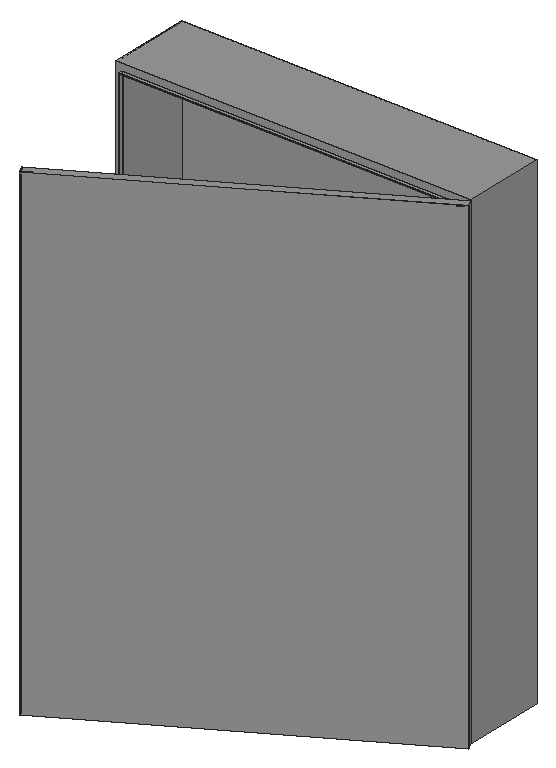
Revit family "Hager-Univers-IP44-D205-H1100-Cl.I-Encl-NoHosted-CH-de", category Equipement électrique, Revit 2020
Family settings
  Configuration du panneau = Deux colonnes, circuits au sein
  Cote de connecteur circulaire = Utiliser le diamètre
  Type d'élément = Tableau de raccordement
  Basée sur le plan de construction = Oui
  Toujours verticalement = Oui
  Couper avec des vides une fois chargée = Non
  Partagée = Non
  Point de calcul de pièce = Non
Parameters (values of type "Aufputz IP44 B800 H1100 T205  - FP73TN2")
  Width Control [instance] = if([EF000008 - Breite] > Min Width, [EF000008 - Breite], Min Width)  # 800 mm
  Commentaires du type = [HG000003 - Bereich]  # "Univers"
  Thickness Door [instance] = if([EF009171 - Materialstärke Tür/Deckel] > 3 mm, 3 mm, [EF009171 - Materialstärke Tür/Deckel])  # 1 mm
  Seal Frame Offset [instance] = 17 mm  # constant formula
  Plinth Visibility [instance] = [HG000027 - Sockelhöhe] > 0 mm  # no
  Min Width [instance] = 100 mm  # constant formula
  Min Depth [instance] = (2 * [EF009170 - Materialstärke Gehäuse]) + 1 mm  # 3 mm
  Min Height [instance] = 100 mm  # constant formula
  Internal Frame Depth [instance] = (Door System Depth * 0.5)  # 9 mm
  Panel Name [instance] = ""  # (empty or 0)
  Model = ""
  HG000027 - Sockelhöhe = 0 mm
  HG000026 - Stehend auf dem Boden = no
  HG000024 - Höhe des unteren Teils = 600 mm
  HG000023 - Gehäuse mit doppeltem Querschnitt = no
  HG000016 - 3D-Türsichtbarkeit [instance] = yes
  HG000015 - Sichtbarkeit der Türöffnung [instance] = no
  HG000014 - Tür rechts [instance] = yes
  HG000013 - Tür links [instance] = not([HG000014 - Tür rechts])  # no
  HG000012 - Türschwenkwinkel [instance] = 30.00°
  HG000010 - Asymmetrische Türen = no
  HG000009 - Doppelflügeligen Tür = no
  HG000006 - Unterputz = no
  HG000004 - Herstellerreferenz = "FP73TN2"
  HG000003 - Bereich = "Univers"
  HG000002 - Mit tür = yes
  Frame Offset Bottom [instance] = 10 mm  # constant formula
  Frame Offset [instance] = 15 mm  # constant formula
  EF015940 - Deckel mit Überdruckentlastung = no
  EF011959 - Schutzart (NEMA) = ""
  EF009554 - Anzahl der Öffnungen für Flanschplatten = 6
  EF009212 - Ausführung Deckel = "EV000116 - geschlossen"
  EF009171 - Materialstärke Tür/Deckel = 1 mm
  EF009170 - Materialstärke Gehäuse = 1 mm
  EF008873 - Nennstrom (In) = 250 A
  EF007800 - Geeignet für Blitzschutz = no
  EF006306 - Mit Schloss = no
  EF006244 - Transparenter Deckel/Tür = no
  EF005474 - Schutzart (IP) = "EV006418 - IP44"
  EF004464 - Art der Tür = "EV002646 - Einzel"
  EF004427 - Anzahl der Module = 252
  EF004293 - Schlagfestigkeit = "EV006815 - IK09"
  EF003532 - Geeignet für Außengebrauch = no
  EF002950 - Breite in Teilungseinheiten = 36
  EF001613 - Funktionserhalt = "EV000494 - ohne"
  EF001596 - Werkstoff des Gehäuses = "EV000179 - Stahl"
  EF001131 - Innentiefe = 130 mm
  EF001088 - Anbaumöglichkeit = yes
  EF000437 - Anzahl der Leitungseinführungen = 6
  EF000339 - Art der Abdeckung = "EV001012 - Deckel"
  EF000266 - Anzahl der Reihen = 7
  EF000218 - Einbautiefe = 205 mm
  EF000118 - Mit Montageplatte = no
  EF000116 - RAL-Nummer = "9010"
  EF000049 - Tiefe = 205 mm
  EF000040 - Höhe = 1100 mm
  EF000008 - Breite = 800 mm
  EF000007 - Farbe = "EV000202 - weiß"
  EF000003 - Montageart = "EV000384 - Aufputz"
  Door System Leaf Tolerance [instance] = 1.5 mm  # constant formula
  Door System Depth [instance] = 18 mm  # constant formula
  Door Height [instance] = Height Control - [HG000027 - Sockelhöhe]  # 1100 mm
  Description = ""
  Default Elevation = 1219.2 mm
  Connector Offset [instance] = Height Control / 2  # 550 mm
  Fabricant = "Hager"  # constant formula
  Height Control [instance] = if([EF000040 - Höhe] > Min Height, [EF000040 - Höhe], Min Height)  # 1100 mm
  Depth Control [instance] = if([EF000049 - Tiefe] > Min Depth, [EF000049 - Tiefe], Min Depth)  # 205 mm
  Bottom Top Plate Trim [instance] = 1.5 mm  # constant formula
  Plinth height Ctrl [instance] = if([HG000027 - Sockelhöhe] > 0 mm, [HG000027 - Sockelhöhe], 12 mm)  # 12 mm
Types (10, lengths in mm): name | Width Control | HG000010 - Asymmetrische Türen | HG000009 - Doppelflügeligen Tür | HG000004 - Herstellerreferenz | EF009554 - Anzahl der Öffnungen für Flanschplatten | EF004464 - Art der Tür | EF004427 - Anzahl der Module | EF002950 - Breite in Teilungseinheiten | EF000437 - Anzahl der Leitungseinführungen | EF000218 - Einbautiefe | EF000008 - Breite
  Aufputz IP44 B1050 H1100 T205  - FP74QT | 1050 | no | no | "FP74QT" | 8 | "EV003602 - Doppel" | 336 | 48 | 8 | 0 | 1050
  Aufputz IP44 B1050 H1100 T205  - FP74TN2 | 1050 | no | yes | "FP74TN2" | 8 | "EV003602 - Doppel" | 336 | 48 | 8 | 205 | 1050
  Aufputz IP44 B1300 H1100 T205  - FP75QT | 1300 | no | no | "FP75QT" | 10 | "EV003602 - Doppel" | 420 | 60 | 10 | 0 | 1300
  Aufputz IP44 B1300 H1100 T205  - FP75TN2 | 1300 | yes | yes | "FP75TN2" | 10 | "EV003602 - Doppel" | 420 | 60 | 10 | 205 | 1300
  Aufputz IP44 B300 H1100 T205  - FP71QT | 300 | no | no | "FP71QT" | 2 | "EV002646 - Einzel" | 84 | 12 | 2 | 0 | 300
  Aufputz IP44 B300 H1100 T205  - FP71TN2 | 300 | no | no | "FP71TN2" | 2 | "EV002646 - Einzel" | 84 | 12 | 2 | 205 | 300
  Aufputz IP44 B550 H1100 T205  - FP72QT | 550 | no | no | "FP72QT" | 4 | "EV002646 - Einzel" | 168 | 24 | 4 | 0 | 550
  Aufputz IP44 B550 H1100 T205  - FP72TN2 | 550 | no | no | "FP72TN2" | 4 | "EV002646 - Einzel" | 168 | 24 | 4 | 205 | 550
  Aufputz IP44 B800 H1100 T205  - FP73QT | 800 | no | no | "FP73QT" | 6 | "EV002646 - Einzel" | 252 | 36 | 6 | 0 | 800
  Aufputz IP44 B800 H1100 T205  - FP73TN2 | 800 | no | no | "FP73TN2" | 6 | "EV002646 - Einzel" | 252 | 36 | 6 | 205 | 800
Reference planes
  plane 1 "Center (Front/Back)": y = 0
  plane 2: z = 0
  plane 3 "Center (Left/Right)": x = 0
  plane 4: y = 0
  plane 5: y = 0
  plane 6: z = 0
  plane 7: x = -400
  plane 8: x = 400
  plane 9: x = 399
  plane 10: x = -399
  plane 11: z = 0
  plane 12: z = 1
  plane 13: y = -205
  plane 14: y = -1
  plane 15: x = 0
  plane 16: y = -187
  plane 17: y = -204
  plane 18: y = -186
  plane 19: x = -384
  plane 20: x = 384
  plane 21: z = 11
  plane 22: x = -383
  plane 23: x = 383
  plane 24: z = 0
  plane 25: z = 1100
  plane 26: z = 1100
  plane 27: z = 1084
  plane 28: z = 1099
Forms (mm)
  Extrusion 1, solid, material "Hager_Steel_RAL7035_Light_Grey", detail levels medium+fine
    sketch origin (-208.679, -4572, 0) x (-1, 0, 0) y (0, -1, 0)
      loop
        line (191.321, -4385) -> (-608.679, -4385) -> (-608.679, -4572) -> (191.321, -4572) -> (191.321, -4385)
    from 0 to 1100
  Extrusion 2, void
    sketch origin (-350.771, -205, 1219.2) x (1, 0, 0) y (0, 0, 1)
      loop
        line (-48.229, -120.2) -> (-48.229, -1218.2) -> (749.771, -1218.2) -> (749.771, -120.2) -> (-48.229, -120.2)
    from -19 to -204
  Extrusion 3, void
    sketch origin (-290.084, -187, 1219.2) x (1, 0, 0) y (0, 0, 1)
      loop
        line (-93.916, -1208.2) -> (674.084, -1208.2) -> (674.084, -135.2) -> (-93.916, -135.2) -> (-93.916, -1208.2)
    from 0 to -1
  Extrusion 4, solid, material "Hager_Steel_RAL7035_Light_Grey", visible <- "Plinth Visibility", detail levels medium+fine
    sketch origin (0, 0, 0) x (1, 0, 0) y (0, 1, 0)
      loop
        line (-400, 0) -> (-400, -187) -> (400, -187) -> (400, 0) -> (-400, 0)
    from 0 to 12 <- "Plinth height Ctrl"
  Extrusion 5, solid, material "Hager_Steel_RAL7035_Light_Grey", detail levels coarse
    sketch origin (0, 0, 0) x (1, 0, 0) y (0, 1, 0)
      loop
        line (-400, 0) -> (-400, -205) -> (400, -205) -> (400, 0) -> (-400, 0)
    from 0 to 1100 <- "Height Control"
  Sweep 6, void
    path in 3D
      loop
        line (-400, -187, 12) -> (400, -187, 12) -> (400, 0, 12) -> (-400, 0, 12) -> (-400, -187, 12)
    profile origin (-400, -93.5, 12) x (1, 0, 0) y (0, 0, 1)
      loop
        line (0, 0) -> (0, -1.5) -> (1.5, -1.5)
        arc (1.5, -1.5) -> (1.061, -0.439) -> (0, 0) r 1.5
  Extrusion 7, solid, material "Hager_Steel_RAL7035_Light_Grey", detail levels fine
    sketch origin (-400, -187, 0) x (1, 0, 0) y (0, 0, 1)
      loop
        line (16, 11) -> (784, 11) -> (784, 1084) -> (16, 1084) -> (16, 11)
      loop
        line (15, 10) -> (785, 10) -> (785, 1085) -> (15, 1085) -> (15, 10)
    from 0 to 9 <- "Internal Frame Depth"
Cuts and joins
  Extrusion 2, Extrusion 3 cuts Extrusion 1
  Sweep 6 cuts Extrusion 4
Lines and regions (mm)
  Masking region 1
    outline origin (0, 0, 0) x (1, 0, 0) y (0, 1, 0)
      loop
        line (-400, 0) -> (-400, -205) -> (400, -205) -> (400, 0) -> (-400, 0)
  Masking region 2, detail levels coarse
    outline origin (-290.084, -187, 1219.2) x (-1, 0, 0) y (0, 0, 1)
      loop
        line (-690.084, -1219.2) -> (109.916, -1219.2) -> (109.916, -119.2) -> (-690.084, -119.2) -> (-690.084, -1219.2)
  Masking region 3, detail levels coarse
    outline origin (0, 0, 0) x (0, 1, 0) y (0, 0, 1)
      loop
        line (0, 0) -> (0, 1100) -> (-205, 1100) -> (-205, 0) -> (0, 0)
  Masking region 4, visible <- "Plinth Visibility", detail levels medium+fine
    outline origin (0, 0, 0) x (0, 1, 0) y (0, 0, 1)
      loop
        line (-1.5, 12) -> (-185.5, 12)
        arc (-185.5, 12) -> (-185.939, 10.939) -> (-187, 10.5) r 1.5
        line (-187, 10.5) -> (-187, 0) -> (0, 0) -> (0, 10.5)
        arc (0, 10.5) -> (-1.061, 10.939) -> (-1.5, 12) r 1.5
  Masking region 5, detail levels medium+fine
    outline origin (0, 0, 594.038) x (0, 1, 0) y (0, 0, 1)
      loop
        line (0, -594.038) -> (0, 505.962) -> (-187, 505.962) -> (-187, -594.038) -> (0, -594.038)
  Masking region 6, detail levels medium+fine
    outline origin (-359.7, -187, 1211.883) x (-1, 0, 0) y (0, 0, 1)
      loop
        line (-759.7, -1211.883) -> (40.3, -1211.883) -> (40.3, -111.883) -> (-759.7, -111.883) -> (-759.7, -1211.883)
  Masking region 7, visible <- "Plinth Visibility", detail levels medium+fine
    outline origin (-320.334, -187, 1041.368) x (-1, 0, 0) y (0, 0, 1)
      loop
        line (-720.334, -1041.368) -> (79.666, -1041.368) -> (79.666, -1030.868)
        arc (79.666, -1030.868) -> (78.606, -1030.429) -> (78.166, -1029.368) r 1.5
        line (78.166, -1029.368) -> (-718.834, -1029.368)
        arc (-718.834, -1029.368) -> (-719.273, -1030.429) -> (-720.334, -1030.868) r 1.5
        line (-720.334, -1030.868) -> (-720.334, -1041.368)
  sketch lines
    curve 1: line (-400, 0, 12) -> (-400, -187, 12)
    curve 2: line (-400, -187, 12) -> (400, -187, 12)
    curve 3: line (400, 0, 12) -> (-400, 0, 12)
    curve 4: line (400, -187, 12) -> (400, 0, 12)
Dimensions and locks
  locked: plane 1 "Center (Front/Back)" to plane 5
  "EF009170 - Materialstärke Gehäuse": plane 7 to plane 10
  "EF009170 - Materialstärke Gehäuse": plane 8 to plane 9
  equal spacing: plane 7, plane 3 "Center (Left/Right)", plane 8
  "Width Control": plane 7 to plane 8
  "Depth Control": plane 4 to plane 13
  "EF009170 - Materialstärke Gehäuse": plane 4 to plane 14
  "Height Control": plane 25 to level
  "HG000027 - Sockelhöhe": plane 11 to level
  "EF009170 - Materialstärke Gehäuse": plane 12 to plane 11
  "EF009170 - Materialstärke Gehäuse": plane 17 to plane 13
  "EF009170 - Materialstärke Gehäuse": plane 18 to plane 16
  "Frame Offset Bottom": plane 21 to plane 12
  "Frame Offset": plane 10 to plane 19
  "Frame Offset": plane 9 to plane 20
  "Door System Depth": plane 16 to plane 13
  "Seal Frame Offset": plane 7 to plane 22
  "Seal Frame Offset": plane 8 to plane 23
  "EF009170 - Materialstärke Gehäuse": plane 26 to plane 28
  "Frame Offset": plane 28 to plane 27
  "Connector Offset": plane 2 to connector elem
  "Bottom Top Plate Trim": profile plane to Sweep 6 sketch curve
  "Bottom Top Plate Trim": Sweep 6 sketch curve to Sweep 6 sketch curve
  "Plinth height Ctrl": Masking region 4 sketch curve to level
  "Plinth height Ctrl": Masking region 7 sketch curve to level
  "Thickness Door": Extrusion 7 sketch curve to Extrusion 7 sketch curve  (x4)
  "Bottom Top Plate Trim": radius of Sweep 6 sketch curve
  "Bottom Top Plate Trim": radius of Masking region 4 sketch curve  (x2)
  "Bottom Top Plate Trim": radius of Masking region 7 sketch curve  (x2)
  aligned and locked: Extrusion 2 sketch curve to plane 12
  aligned and locked: Extrusion 2 sketch curve to plane 9
  aligned and locked: Extrusion 2 sketch curve to plane 10
  aligned and locked: Extrusion 2 to plane 14
  aligned and locked: Extrusion 1 sketch curve to plane 4
  aligned and locked: plane 8 to Extrusion 1 sketch curve
  aligned and locked: plane 7 to Extrusion 1 sketch curve
  aligned and locked: Extrusion 2 to plane 18
  aligned and locked: Extrusion 3 sketch curve to plane 19
  aligned and locked: plane 20 to Extrusion 3 sketch curve
  aligned and locked: Extrusion 3 to Extrusion 2
  aligned and locked: Extrusion 3 sketch curve to plane 21
  aligned and locked: plane 3 "Center (Left/Right)" to nested 1
  aligned and locked: Extrusion 1 sketch curve to plane 16
  aligned and locked: Extrusion 4 sketch curve to cut or joined group of Extrusion 1, Extrusion 2, Extrusion 3
  aligned and locked: Masking region 1 sketch curve to plane 7
  aligned and locked: Masking region 1 sketch curve to plane 5
  aligned and locked: Masking region 1 sketch curve to plane 8
  aligned and locked: Masking region 2 sketch curve to level
  aligned and locked: level to Masking region 3 sketch curve
  aligned and locked: plane 1 "Center (Front/Back)" to Masking region 3 sketch curve
  aligned and locked: plane 13 to Masking region 3 sketch curve
  aligned and locked: plane 5 to Masking region 4 sketch curve
  aligned and locked: Masking region 2 sketch curve to plane 8
  aligned and locked: Masking region 2 sketch curve to plane 7
  aligned and locked: plane 7 to nested 2
  aligned and locked: nested 2 to plane 5
  aligned and locked: plane 5 to Masking region 5 sketch curve
  aligned and locked: plane 26 to Masking region 5 sketch curve
  aligned and locked: Extrusion 5 sketch curve to plane 8
  aligned and locked: Extrusion 5 sketch curve to plane 7
  aligned and locked: Extrusion 5 sketch curve to plane 5
  aligned and locked: Extrusion 3 sketch curve to plane 27
  aligned and locked: Extrusion 2 sketch curve to plane 28
  aligned and locked: Masking region 2 to plane 25
  aligned and locked: Extrusion 4 to plane 16
  aligned and locked: profile plane to Sweep 6 sketch curve
  aligned and locked: Masking region 5 sketch curve to plane 24
  aligned and locked: level to Masking region 4 sketch curve
  aligned and locked: Masking region 1 to plane 13
  aligned and locked: nested 1 to plane 16
  aligned and locked: Masking region 3 to plane 25
  aligned and locked: plane 16 to Masking region 4 sketch curve
  aligned and locked: Masking region 5 sketch curve to plane 16
  aligned and locked: plane 24 to plane 11
  aligned and locked: plane 26 to plane 25
  aligned and locked: plane 26 to cut or joined group of Extrusion 1, Extrusion 2, Extrusion 3
  aligned and locked: nested 1 to plane 24
  aligned and locked: Extrusion 1 to Extrusion 3
  aligned and locked: Masking region 6 sketch curve to plane 8
  aligned and locked: Masking region 6 sketch curve to plane 24
  aligned and locked: Masking region 6 sketch curve to plane 7
  aligned and locked: Masking region 6 sketch curve to plane 26
  aligned and locked: Masking region 7 sketch curve to plane 7
  aligned and locked: level to Masking region 7 sketch curve
  aligned and locked: Masking region 7 sketch curve to plane 8
  aligned and locked: Extrusion 7 sketch curve to cut or joined group of Extrusion 1, Extrusion 2, Extrusion 3  (x4)
Automatic sketch dimensions
  plane 19 to Extrusion 3 sketch curve = 0 mm
  Extrusion 3 sketch curve to plane 20 = 0 mm
  Extrusion 3 sketch curve to plane 21 = 0 mm
  Extrusion 4 sketch curve to plane 7 = 0 mm
  Extrusion 4 sketch curve to plane 8 = 0 mm
  Extrusion 4 sketch curve to plane 16 = 0 mm
  Masking region 1 sketch curve to plane 13 = 0 mm
  Masking region 2 sketch curve to plane 25 = 0 mm
  Masking region 3 sketch curve to plane 25 = 0 mm
  Extrusion 5 sketch curve to plane 13 = 0 mm
  profile plane to Sweep 6 sketch curve = 0 mm
Nested families
  nested 1: "EC000058_Univers_Door" at (0, -187, 0), Double <- "HG000009 - Doppelflügeligen Tür", Transparent <- "EF006244 - Transparenter Deckel/Tür", Angle <- "HG000012 - Türschwenkwinkel", Door_Right <- "HG000014 - Tür rechts", Assymetrical <- "HG000010 - Asymmetrische Türen", Door <- "HG000002 - Mit tür", Width_Ctrl <- "Width Control", 3d_Door <- "HG000016 - 3D-Türsichtbarkeit", Clearance <- "HG000015 - Sichtbarkeit der Türöffnung", Door_Left <- "HG000013 - Tür links", Width <- "Width Control", Door_Depth <- "Door System Depth", Leaf_Tolerance <- "Door System Leaf Tolerance", Height <- "Door Height", Lock_Visibility <- "EF006306 - Mit Schloss", Thickness <- "Thickness Door", type "EC000058_Univers_Door", detail levels medium+fine
    with min_wh 3 mm, Width_Ctrl 800 mm, Width 800 mm, Transparent no, Thickness 1 mm, Seal_Material Hager_Rubber, Lock_Visibility no, Lock_Material Hager_Plastic_RAL9005_Jet_Black, Leaf_Width 800 mm, Leaf_Tolerance_External_Sides 0 mm, Leaf_Tolerance 1.5 mm, Leaf_Offset 0 mm, Leaf_Height 1097 mm, Leaf_2_Width 800 mm, Leaf_2_Offset 400 mm, Leaf_1_Width 800 mm, Leaf_1_Offset 400 mm, Height_Ctrl 1100 mm, Height 1100 mm, Glass_Material Hager_Glass, Double_Clearance_Ctrl no, Double no, Door_Right_Ctrl yes, Door_Right yes, Door_Material Hager_Steel_RAL7035_Light_Grey, Door_Left_Ctrl no, Door_Left no, Door_Depth 18 mm, Door yes, Clearance_Material Hager_Clearance, Clearance_Depth 800 mm, Clearance_Ctrl no, Clearance no, Assymetrical no, Angle 30.00°, 3d_Door yes
  nested 2: "Hager_Enclosure_Symbol" at (-400, 0, 0), Height <- "Depth Control", Width <- "Width Control", type "Hager_Enclosure_Symbol"
    with Width_Ctrl 800 mm, Width 800 mm, Height_Ctrl 205 mm, Height 205 mm, A_Width_Int 13.453 mm, A_Width 161.438 mm, A_Height_Ctrl 179.375 mm, A_Height 179.375 mm
Connectors
  electrical at (0, 0, 550)
    settings: on plane 1 "Center (Front/Back)", index 1, voltage 0 V, apparent load 0 VA, apparent load phase1 0 VA, apparent load phase2 0 VA, apparent load phase3 0 VA, power factor 1, load classification "Other", number of poles 1, system type 30, power factor state 1, is connector primary yes, connector utility no, sub classification motor no, connector description ""
Definition of nested family "EC000058_Univers_Door"
  Parameters (values of type "EC000058_Univers_Door")
    min_wh [instance] = (2 * Thickness) + 1 mm  # 11 mm
    Width_Ctrl [instance] = 400 mm
    Width [instance] = 500 mm
    Transparent [instance] = yes
    Thickness [instance] = 5 mm
    Seal_Material [instance] = none
    Lock_Visibility [instance] = yes
    Lock_Material [instance] = none
    Leaf_Width [instance] = if((Width_Ctrl - 2 * Leaf_Tolerance_External_Sides) > 0 mm, (Width_Ctrl - 2 * Leaf_Tolerance_External_Sides), min_wh)  # 400 mm
    Leaf_Tolerance_External_Sides [instance] = 0 mm  # constant formula
    Leaf_Tolerance [instance] = 1.5 mm
    Leaf_Offset [instance] = 0 mm  # constant formula
    Leaf_Height [instance] = if((Height_Ctrl - 2 * Leaf_Tolerance) > 0 mm, (Height_Ctrl - 2 * Leaf_Tolerance), min_wh)  # 497 mm
    Leaf_2_Width [instance] = if(and(and(Double, Assymetrical), Door_Left), (Leaf_Width / 3) - (Leaf_Tolerance / 2), if(and(and(Double, Assymetrical), Door_Right), (Leaf_Width / 3) * 2 - (Leaf_Tolerance / 2), if(and(Double, not(Assymetrical)), (Leaf_Width / 2) - Leaf_Tolerance, Leaf_Width)))  # 400 mm
    Leaf_2_Offset [instance] = if(and(Double, Assymetrical), Leaf_2_Width / 2, if(and(Double, not(Assymetrical)), Leaf_Width / 4, Leaf_Width / 2))  # 200 mm
    Leaf_1_Width [instance] = if(and(and(Double, Assymetrical), Door_Right), (Leaf_Width / 3) - (Leaf_Tolerance / 2), if(and(and(Double, Assymetrical), Door_Left), (Width / 3) * 2 - (Leaf_Tolerance / 2), if(and(Double, not(Assymetrical)), (Leaf_Width / 2) - Leaf_Tolerance, Leaf_Width)))  # 400 mm
    Leaf_1_Offset [instance] = if(and(Double, Assymetrical), Leaf_1_Width / 2, if(and(Double, not(Assymetrical)), Leaf_Width / 4, Leaf_Width / 2))  # 200 mm
    Height_Ctrl [instance] = if(Height > min_wh, Height, min_wh)  # 500 mm
    Height [instance] = 500 mm
    Glass_Material [instance] = none
    Double_Clearance_Ctrl [instance] = and(Double, Clearance)  # no
    Double [instance] = no
    Door_Right_Ctrl [instance] = and(or(Door_Right, Double), Door)  # yes
    Door_Right [instance] = yes
    Door_Material [instance] = none
    Door_Left_Ctrl [instance] = and(or(Door_Left, Double), Door)  # no
    Door_Left [instance] = no
    Door_Depth [instance] = 30 mm
    Door [instance] = yes
    Default Elevation = 1219.2 mm
    Clearance_Material [instance] = none
    Clearance_Depth [instance] = if(Leaf_1_Width > Leaf_2_Width, Leaf_1_Width, Leaf_2_Width)  # 400 mm
    Clearance_Ctrl [instance] = and(not(Double), Clearance)  # yes
    Clearance [instance] = yes
    Assymetrical [instance] = yes
    Angle [instance] = 30.00°
    3d_Door [instance] = yes
  Reference planes
    plane 1 "Center (Front/Back)": y = 0
    plane 2 "Bottom": z = 0
    plane 3 "Center (Left/Right)": x = 0
    plane 4: z = 500
    plane 5: x = -200
    plane 6: x = 200
    plane 7: z = 500
    plane 8: x = -200
    plane 9: z = 0
    plane 10: x = 200
    plane 11: y = 0
    plane 12: z = 1.5
    plane 13: x = -600
    plane 14: y = -400
    plane 15: x = 600
    plane 16: x = 0
    plane 17: x = 0
    plane 18: x = -200
    plane 19: x = 200
    plane 20: z = 498.5
  Forms (mm)
    Extrusion 1, solid, material <- "Clearance_Material", visible <- "Double_Clearance_Ctrl"
      sketch origin (1200, 0, 0) x (1, 0, 0) y (0, 0, -1)
        loop
          line (-1800, -498.5) -> (-600, -498.5) -> (-600, 0) -> (-1800, 0) -> (-1800, -498.5)
      from 0 to -400
  Dimensions and locks
    equal spacing: plane 5, plane 3 "Center (Left/Right)", plane 6
    "Width_Ctrl": plane 5 to plane 6
    "Leaf_Offset": plane 5 to plane 8
    "Leaf_Offset": plane 6 to plane 10
    "Leaf_Offset": plane 9 to level
    "Leaf_Offset": plane 4 to plane 7
    "Height_Ctrl": plane 4 to level
    "Leaf_Tolerance": plane 12 to plane 9
    locked: plane 11 to plane 1 "Center (Front/Back)"
    "Leaf_1_Offset": plane 18 to plane 16
    "Leaf_2_Offset": plane 17 to plane 19
    "Leaf_1_Width": plane 13 to plane 8
    "Leaf_2_Width": plane 10 to plane 15
    "Clearance_Depth": plane 14 to plane 1 "Center (Front/Back)"
    "Leaf_Tolerance_External_Sides": plane 8 to plane 18
    "Leaf_Tolerance_External_Sides": plane 19 to plane 10
    "Leaf_Tolerance": plane 7 to plane 20
    aligned and locked: level to plane 2 "Bottom"
    aligned and locked: nested 1 to plane 16
    aligned and locked: nested 2 to plane 17
    aligned and locked: Extrusion 1 to plane 13
    aligned and locked: plane 15 to Extrusion 1
    aligned and locked: Extrusion 1 to plane 14
    aligned and locked: plane 12 to nested 1
    aligned and locked: nested 2 to plane 12
    aligned and locked: Extrusion 1 to plane 11
    aligned and locked: plane 20 to Extrusion 1
    aligned and locked: nested 2 to plane 11
    aligned and locked: nested 1 to plane 11
  Automatic sketch dimensions
    Extrusion 1 sketch curve to level = 0 mm
    plane 5 to Extrusion 1 sketch curve = 400 mm
    plane 6 to Extrusion 1 sketch curve = 400 mm
    Extrusion 1 sketch curve to plane 4 = 1.5 mm
  Nested families
    nested 1: "EC000058_Univers_Door_Leaf" at (0, 0, 1.5), Width <- "Leaf_1_Width", visible <- "Door_Left_Ctrl", Leaf_Height <- "Leaf_Height", Angle <- "Angle", 3d_Door <- "3d_Door", Transparent <- "Transparent", Clearance Material <- "Clearance_Material", Clearance <- "Clearance_Ctrl", Door_Material <- "Door_Material", Glass_Material <- "Glass_Material", Door_Depth <- "Door_Depth", Lock_Material <- "Lock_Material", Seal_Material <- "Seal_Material", Lock_Visibility <- "Lock_Visibility", Thickness <- "Thickness", type "EC000058_Univers_Door_Leaf"
      with Width 400 mm, Transparent_Glass_Offset 30 mm, Transparent_Ctrl yes, Transparent yes, Thickness 5 mm, Standard no, Seal_Material none, Seal_D2 8 mm, Seal_D1 1 mm, Offset_Internal_Frame 10 mm, Lock_Width 20 mm, Lock_Visibility_3d yes, Lock_Visibility yes, Lock_Thickness_3 3 mm, Lock_Thickness_2 1 mm, Lock_Thickness_1 3 mm, Lock_Radius_Offset_2 16 mm, Lock_Radius_Offset_1 15 mm, Lock_Radius_2 5 mm, Lock_Radius 6 mm, Lock_Offset 5 mm, Lock_Material none, Lock_Height 80 mm, Lock_Cover_Top_Offset_2d 17 mm, Lock_Cover_Height -65 mm, Leaf_Height 497 mm, Internal_Seal_Thickness 8 mm, Internal_Seal_Depth_2 4.5 mm, Internal_Frame_Depth 25 mm, Glass_Thickness -1 mm, Glass_Offset -2 mm, Glass_Material none, Door_Material none, Door_Depth 30 mm, Clearance Material none, Clearance yes, Angle_Ctrl 30.00°, Angle 30.00°, 3d_Door yes
    nested 2: "EC000058_Univers_Door_Leaf" at (0, 0, 1.5) x (-1, 0, 0) z (0, 0, 1), Width <- "Leaf_2_Width", visible <- "Door_Right_Ctrl", Leaf_Height <- "Leaf_Height", Angle <- "Angle", 3d_Door <- "3d_Door", Transparent <- "Transparent", Clearance Material <- "Clearance_Material", Clearance <- "Clearance_Ctrl", Door_Material <- "Door_Material", Glass_Material <- "Glass_Material", Door_Depth <- "Door_Depth", Lock_Material <- "Lock_Material", Seal_Material <- "Seal_Material", Lock_Visibility <- "Lock_Visibility", Thickness <- "Thickness", type "EC000058_Univers_Door_Leaf"
      with Width 400 mm, Transparent_Glass_Offset 30 mm, Transparent_Ctrl yes, Transparent yes, Thickness 5 mm, Standard no, Seal_Material none, Seal_D2 8 mm, Seal_D1 1 mm, Offset_Internal_Frame 10 mm, Lock_Width 20 mm, Lock_Visibility_3d yes, Lock_Visibility yes, Lock_Thickness_3 3 mm, Lock_Thickness_2 1 mm, Lock_Thickness_1 3 mm, Lock_Radius_Offset_2 16 mm, Lock_Radius_Offset_1 15 mm, Lock_Radius_2 5 mm, Lock_Radius 6 mm, Lock_Offset 5 mm, Lock_Material none, Lock_Height 80 mm, Lock_Cover_Top_Offset_2d 17 mm, Lock_Cover_Height -65 mm, Leaf_Height 497 mm, Internal_Seal_Thickness 8 mm, Internal_Seal_Depth_2 4.5 mm, Internal_Frame_Depth 25 mm, Glass_Thickness -1 mm, Glass_Offset -2 mm, Glass_Material none, Door_Material none, Door_Depth 30 mm, Clearance Material none, Clearance yes, Angle_Ctrl 30.00°, Angle 30.00°, 3d_Door yes
  Definition of nested family "EC000058_Univers_Door_Leaf"
    Parameters (values of type "EC000058_Univers_Door_Leaf")
      Width [instance] = 2000 mm
      Transparent_Glass_Offset [instance] = 30 mm
      Transparent_Ctrl [instance] = and(Transparent, [3d_Door])  # yes
      Transparent [instance] = yes
      Thickness [instance] = 5 mm
      Standard [instance] = and(not(Transparent), [3d_Door])  # no
      Seal_Material [instance] = none
      Seal_D2 [instance] = 8 mm  # constant formula
      Seal_D1 [instance] = 1 mm  # constant formula
      Offset_Internal_Frame [instance] = 10 mm  # constant formula
      Lock_Width [instance] = 20 mm  # constant formula
      Lock_Visibility_3d [instance] = and(Lock_Visibility, [3d_Door])  # yes
      Lock_Visibility [instance] = yes
      Lock_Thickness_3 [instance] = 3 mm  # constant formula
      Lock_Thickness_2 [instance] = 1 mm  # constant formula
      Lock_Thickness_1 [instance] = 3 mm  # constant formula
      Lock_Radius_Offset_2 [instance] = Lock_Radius_Offset_1 + 1 mm  # 16 mm
      Lock_Radius_Offset_1 [instance] = 15 mm  # constant formula
      Lock_Radius_2 [instance] = Lock_Radius - 1 mm  # 5 mm
      Lock_Radius [instance] = 6 mm  # constant formula
      Lock_Offset [instance] = 5 mm  # constant formula
      Lock_Material [instance] = none
      Lock_Height [instance] = 80 mm  # constant formula
      Lock_Cover_Top_Offset_2d [instance] = Lock_Radius_Offset_2 + 1 mm  # 17 mm
      Lock_Cover_Height [instance] = -(Lock_Height - Lock_Radius_Offset_1)  # -65 mm
      Leaf_Height [instance] = 2720.336 mm
      Internal_Seal_Thickness [instance] = 8 mm  # constant formula
      Internal_Seal_Depth_2 [instance] = 4.5 mm  # constant formula
      Internal_Frame_Depth [instance] = if(Door_Depth - Thickness > 5 mm, Door_Depth - Thickness, 5 mm)  # 25 mm
      Glass_Thickness [instance] = if(Thickness > 15 mm, Glass_Offset + 10 mm, -1 mm)  # -1 mm
      Glass_Offset [instance] = if(Thickness > 15 mm, -(Thickness + 10 mm) / 2, -2 mm)  # -2 mm
      Glass_Material [instance] = none
      Door_Material [instance] = none
      Door_Depth [instance] = 30 mm
      Default Elevation = 0 mm
      Clearance Material [instance] = none
      Clearance [instance] = yes
      Angle_Ctrl [instance] = if(Angle > 180.00°, 180.00°, Angle)  # 90.00°
      Angle [instance] = 90.00°
      3d_Door [instance] = yes
    Reference planes
      plane 1 "Center (Front/Back)": y = 0
      plane 2: z = 0
      plane 3 "Center (Left/Right)": x = 0
      plane 4: y = 2000
      plane 5: x = -1000
      plane 6: x = 1000
      plane 7: x = -3000
      plane 8: z = 2720.336
      plane 9: z = 30
      plane 10: z = 2690.336
      plane 11: x = 970
      plane 12: x = -970
      plane 13: y = -3
      plane 14: z = 107.833
      plane 15: y = -5
      plane 16: y = -223.314
      plane 17: x = -1000
      plane 18: z = 1360.168
      plane 19: y = 30
    Forms (mm)
      Extrusion 1, solid, material <- "Clearance Material", visible <- "Clearance"
        sketch origin (0, 0, 0) x (1, 0, 0) y (0, 0, 1)
          loop
            line (-3000, 2720.336) -> (-3000, 0) -> (1000, 0) -> (1000, 2720.336) -> (-3000, 2720.336)
        from 0 to -2000
      Extrusion 2, solid, material <- "Door_Material", visible <- "Standard", detail levels medium+fine
        sketch origin (-1000, 0, 0) x (0, 1, 0) y (-1, 0, 0)
          loop
            line (0, 30) -> (0, 25) -> (2000, 25) -> (2000, 30) -> (0, 30)
        from 0 to 2720.336 <- "Leaf_Height"
      Extrusion 3, solid, material <- "Door_Material", visible <- "Transparent_Ctrl", detail levels medium+fine
        sketch origin (-1000, 0, 0) x (0, 1, 0) y (-1, 0, 0)
          loop
            line (0, 25) -> (2000, 25) -> (2000, 30) -> (0, 30) -> (0, 25)
        from 0 to 2720.336 <- "Leaf_Height"
      Extrusion 4, void
        sketch origin (-1025, 2000, 0) x (0, 1, 0) y (0, 0, -1)
          loop
            line (-30, -2690.336) -> (-30, -30) -> (-1970, -30) -> (-1970, -2690.336) -> (-30, -2690.336)
        from 0 to 5 <- "Thickness"
      Sweep 5, solid, material <- "Seal_Material", visible <- "Transparent_Ctrl", detail levels fine
        path in 3D
          loop
            line (-1025, 30, 30) -> (-1025, 30, 2690.336) -> (-1025, 1970, 2690.336) -> (-1025, 1970, 30) -> (-1025, 30, 30)
        profile origin (-1025, 1000, 30) x (1, 0, 0) y (0, 0, 1)
          loop
            line (0, 0) -> (0, -8) -> (1, -8) -> (1, 0) -> (0, 0)
      Extrusion 6, solid, material <- "Glass_Material", visible <- "Transparent_Ctrl", detail levels medium+fine
        sketch origin (-1030, 0, 0) x (0, 1, 0) y (0, 0, -1)
          loop
            line (1970, -2690.336) -> (1970, -30) -> (30, -30) -> (30, -2690.336) -> (1970, -2690.336)
        from -2 <- "Glass_Offset" to -1 <- "Glass_Thickness"
      Extrusion 7, solid, material <- "Door_Material", visible <- "3d_Door", detail levels medium+fine
        sketch origin (-1025, 2000, 0) x (0, -1, 0) y (0, 0, -1)
          loop
            line (0, -2720.336) -> (2000, -2720.336) -> (2000, 0) -> (0, 0) -> (0, -2720.336)
          loop
            line (1995, -5) -> (5, -5) -> (5, -2715.336) -> (1995, -2715.336) -> (1995, -5)
        from 0 to 25 <- "Internal_Frame_Depth"
      Sweep 8, solid, material <- "Seal_Material", visible <- "Transparent_Ctrl", detail levels fine
        path in 3D
          loop
            line (-1025, 0, 0) -> (-1025, 2000, 0) -> (-1025, 2000, 2720.336) -> (-1025, 0, 2720.336) -> (-1025, 0, 0)
        profile origin (-1025, 0, 1360.168) x (1, 0, 0) y (0, 1, 0)
          loop
            line (0, 10) -> (2.975, 10)
            arc (2.975, 10) -> (4.053, 10.447) -> (4.5, 11.525) r 1.525
            line (4.5, 11.525) -> (4.5, 16.527)
            arc (4.5, 16.527) -> (4.069, 17.569) -> (3.027, 18) r 1.473
            line (3.027, 18) -> (0, 18) -> (0, 10)
      Extrusion 9, solid, material <- "Lock_Material", visible <- "Lock_Visibility_3d", detail levels fine
        sketch origin (-1030, 0, 0) x (0, 1, 0) y (0, 0, -1)
          loop
            arc (1993.5, -1400.168) -> (1994.561, -1399.729) -> (1995, -1398.668) r 1.5
            line (1995, -1398.668) -> (1995, -1320.168) -> (1975, -1320.168) -> (1975, -1398.668)
            arc (1975, -1398.668) -> (1975.439, -1399.729) -> (1976.5, -1400.168) r 1.5
            line (1976.5, -1400.168) -> (1993.5, -1400.168)
        from 3 <- "Lock_Thickness_1" to 0
      Blend 10, solid, material <- "Lock_Material", visible <- "Lock_Visibility_3d", detail levels fine
        base sketch origin (-1033, 0, 0) x (0, 1, 0) y (0, 0, -1)
          loop
            line (1975, -1320.168) -> (1975, -1398.668)
            arc (1975, -1398.668) -> (1975.439, -1399.729) -> (1976.5, -1400.168) r 1.5
            line (1976.5, -1400.168) -> (1993.5, -1400.168)
            arc (1993.5, -1400.168) -> (1994.561, -1399.729) -> (1995, -1398.668) r 1.5
            line (1995, -1398.668) -> (1995, -1320.168) -> (1975, -1320.168)
        top sketch origin (-1033, 0, 0) x (0, 1, 0) y (0, 0, -1)
          loop
            line (1976, -1320.168) -> (1976, -1398.668)
            arc (1976, -1398.668) -> (1976.146, -1399.022) -> (1976.5, -1399.168) r 0.5
            line (1976.5, -1399.168) -> (1993.5, -1399.168)
            arc (1993.5, -1399.168) -> (1993.854, -1399.022) -> (1994, -1398.668) r 0.5
            line (1994, -1398.668) -> (1994, -1320.168) -> (1976, -1320.168)
        from 0 to 1 <- "Lock_Thickness_2"
      Blend 11, solid, material <- "Lock_Material", visible <- "Lock_Visibility_3d", detail levels fine
        base sketch origin (-1034, 0, 0) x (0, 1, 0) y (0, 0, -1)
          loop
            line (1978, -1320.168) -> (1978, -1384.168)
            arc (1978, -1384.168) -> (1985, -1391.168) -> (1992, -1384.168) r 7
            line (1992, -1384.168) -> (1992, -1320.168) -> (1978, -1320.168)
        top sketch origin (-1034, 0, 0) x (0, 1, 0) y (0, 0, -1)
          loop
            line (1991, -1320.168) -> (1979, -1320.168) -> (1979, -1383.168)
            arc (1979, -1383.168) -> (1985, -1389.168) -> (1991, -1383.168) r 6
            line (1991, -1383.168) -> (1991, -1320.168)
        from 0 to 3 <- "Lock_Thickness_3"
      Extrusion 12, solid, material <- "Lock_Material", visible <- "Lock_Visibility_3d", detail levels fine
        sketch origin (-1030, 1975, 1320.168) x (1, 0, 0) y (0, -1, 0)
          loop
            line (-7, -19) -> (-7, -1) -> (0, -1) -> (0, 0) -> (-8, 0) -> (-8, -20) -> (0, -20) -> (0, -19) -> (-7, -19)
        from 0 to -65 <- "Lock_Cover_Height"
      Extrusion 13, void
        sketch origin (-1038, 1995, 1320.168) x (-1, 0, 0) y (0, 0, -1)
          loop
            line (-5, -65) -> (0, -65) -> (-5, -60) -> (-5, -65)
        from 0 to 20 <- "Lock_Width"
      Extrusion 14, void
        sketch origin (-1038, 1975, 1320.168) x (0, -1, 0) y (0, 0, -1)
          loop
            circle (-10, -15.995) r 6
          loop
            circle (-10, -15.995) r 5
        from 0 to 2
      Extrusion 15, solid, material <- "Lock_Material", visible <- "Lock_Visibility_3d", detail levels medium
        sketch origin (-1030, 0, 0) x (0, 1, 0) y (0, 0, -1)
          loop
            arc (1993.5, -1400.168) -> (1994.561, -1399.729) -> (1995, -1398.668) r 1.5
            line (1995, -1398.668) -> (1995, -1320.168) -> (1975, -1320.168) -> (1975, -1398.668)
            arc (1975, -1398.668) -> (1975.439, -1399.729) -> (1976.5, -1400.168) r 1.5
            line (1976.5, -1400.168) -> (1993.5, -1400.168)
        from 8 to 0
    Cuts and joins
      Extrusion 4 cuts Extrusion 3
      Extrusion 13, Extrusion 14 cuts Extrusion 9
      Extrusion 14 cuts Blend 11
      Extrusion 13, Extrusion 14 cuts Extrusion 12
      joined: Extrusion 9, Blend 10, Blend 11, Extrusion 12
      Extrusion 14 cuts Extrusion 15
    Lines and regions (mm)
      Masking region 1, visible <- "Lock_Visibility", detail levels fine
        outline origin (0, 0, 0) x (0, 1, 0) y (0, 0, 1)
          loop
            line (30, 1320.168) -> (33, 1320.168) -> (33, 1400.168) -> (30, 1400.168) -> (30, 1320.168)
      Masking region 2, visible <- "Lock_Visibility", detail levels fine
        outline origin (0, 3.143, 0) x (0, 1, 0) y (0, 0, 1)
          loop
            line (29.857, 1354.168) -> (30.857, 1354.168) -> (30.857, 1366.168) -> (29.857, 1366.168) -> (29.857, 1354.168)
      Masking region 3, detail levels medium+fine
        outline origin (0, 0, 0) x (0, 1, 0) y (0, 0, 1)
          loop
            line (0, 0) -> (30, 0) -> (30, 2720.336) -> (0, 2720.336) -> (0, 0)
      Masking region 4, detail levels medium+fine
        outline origin (0, 0, 0) x (1, 0, 0) y (0, 0, 1)
          loop
            line (-1000, 2720.336) -> (-1000, 0) -> (1000, 0) -> (1000, 2720.336) -> (-1000, 2720.336)
      Masking region 5, visible <- "Lock_Visibility", detail levels fine
        outline origin (-47.116, 0, 0) x (1, 0, 0) y (0, 0, 1)
          loop
            arc (1024.616, 1399.168) -> (1023.556, 1398.729) -> (1023.116, 1397.668) r 1.5
            line (1023.116, 1397.668) -> (1023.116, 1320.168) -> (1041.116, 1320.168) -> (1041.116, 1397.668)
            arc (1041.116, 1397.668) -> (1040.677, 1398.729) -> (1039.616, 1399.168) r 1.5
            line (1039.616, 1399.168) -> (1024.616, 1399.168)
      Masking region 6, visible <- "Lock_Visibility", detail levels medium+fine
        outline origin (-25, 0, 0) x (1, 0, 0) y (0, 0, 1)
          loop
            arc (1001.5, 1400.168) -> (1000.439, 1399.729) -> (1000, 1398.668) r 1.5
            line (1000, 1398.668) -> (1000, 1320.168) -> (1020, 1320.168) -> (1020, 1398.668)
            arc (1020, 1398.668) -> (1019.561, 1399.729) -> (1018.5, 1400.168) r 1.5
            line (1018.5, 1400.168) -> (1001.5, 1400.168)
      Masking region 7, visible <- "Lock_Visibility", detail levels fine
        outline origin (-73.735, 0, 0) x (1, 0, 0) y (0, 0, 1)
          loop
            line (1051.735, 1382.168) -> (1065.735, 1382.168) -> (1065.735, 1384.168)
            arc (1065.735, 1384.168) -> (1058.735, 1391.168) -> (1051.735, 1384.168) r 7
            line (1051.735, 1384.168) -> (1051.735, 1382.168)
      Masking region 8, visible <- "Lock_Visibility", detail levels fine
        outline origin (-73.735, 0, 0) x (1, 0, 0) y (0, 0, 1)
          loop
            line (1052.735, 1382.168) -> (1064.735, 1382.168) -> (1064.735, 1383.168)
            arc (1064.735, 1383.168) -> (1058.735, 1389.168) -> (1052.735, 1383.168) r 6
            line (1052.735, 1383.168) -> (1052.735, 1382.168)
      Masking region 9, visible <- "Lock_Visibility", detail levels fine
        outline origin (-25, 0, 0) x (1, 0, 0) y (0, 0, 1)
          loop
            line (1020, 1320.168) -> (1020, 1382.168) -> (1000, 1382.168) -> (1000, 1320.168) -> (1020, 1320.168)
      Masking region 10, detail levels medium+fine
        outline origin (0, 0, 0) x (1, 0, 0) y (0, 0, 1)
          loop
            circle (985, 1335.144) r 6
      Masking region 11, detail levels fine
        outline origin (0, 0, 0) x (1, 0, 0) y (0, 0, 1)
          loop
            circle (985, 1335.144) r 5
      Masking region 12, visible <- "Lock_Visibility", detail levels fine
        outline origin (0, 12.767, 0) x (0, 1, 0) y (0, 0, 1)
          loop
            line (20.233, 1320.168) -> (21.233, 1320.168) -> (21.233, 1399.168) -> (20.233, 1400.168) -> (20.233, 1320.168)
      Masking region 13, visible <- "Lock_Visibility", detail levels fine
        outline origin (0, 13.767, -10) x (0, 1, 0) y (0, 0, 1)
          loop
            line (20.233, 1330.168) -> (23.233, 1330.168) -> (23.233, 1399.168) -> (20.233, 1402.168) -> (20.233, 1330.168)
      Masking region 14, visible <- "Lock_Visibility", detail levels fine
        outline origin (0, 12.767, -10) x (0, 1, 0) y (0, 0, 1)
          loop
            line (20.233, 1330.168) -> (25.233, 1330.168) -> (25.233, 1399.305) -> (20.233, 1394.305) -> (20.233, 1330.168)
      Masking region 15, visible <- "Lock_Visibility", detail levels medium
        outline origin (0, 0, 0) x (0, 1, 0) y (0, 0, 1)
          loop
            line (30, 1320.168) -> (38, 1320.168) -> (38, 1400.168) -> (30, 1400.168) -> (30, 1320.168)
      Masking region 16, visible <- "Lock_Visibility", detail levels fine
        outline origin (-1000, 0, 0) x (0, 1, 0) y (-1, 0, 0)
          loop
            line (1975, 30) -> (1995, 30) -> (1995, 38) -> (1975, 38) -> (1975, 30)
          loop
            line (1979, 37) -> (1976, 37) -> (1976, 34) -> (1978, 34) -> (1979, 37)
          loop
            line (1994, 37) -> (1991, 37) -> (1992, 34) -> (1994, 34) -> (1994, 37)
      Masking region 17, visible <- "Lock_Visibility", detail levels medium
        outline origin (-1000, 0, 0) x (0, 1, 0) y (-1, 0, 0)
          loop
            line (1975, 30) -> (1995, 30) -> (1995, 38) -> (1975, 38) -> (1975, 30)
      symbolic lines
        curve 1: line (1000, 0, 0) -> (-3000, 0, 0)
        curve 2: arc (1000, 0, 0) -> (-1000, 2000, 0) -> (-3000, 0, 0) r 2000
        curve 4: line (-1030, 0, 0) -> (-1030, 2000, 0)
      reference lines
        curve 3: line (-1000, 0, 0) -> (-1000, 2000, 0)
      symbolic lines, detail levels medium+fine
        curve 5: line (-1030, 2000, 0) -> (-1025, 2000, 0)
        curve 7: line (-1025, 0, 0) -> (-1030, 0, 0)
        curve 8: line (-1025, 0, 0) -> (-1000, 0, 0)
        curve 9: line (-1000, 0, 0) -> (-1000, 2000, 0)
        curve 10: line (-1000, 2000, 0) -> (-1025, 2000, 0)
      symbolic lines, detail levels fine
        curve 6: line (-1025, 2000, 0) -> (-1025, 0, 0)
      sketch lines
        curve 11: line (-1025, 0, 2720.336) -> (-1025, 0, 0)
        curve 12: line (-1025, 2000, 0) -> (-1025, 0, 0)
        curve 13: line (-1025, 2000, 2720.336) -> (-1025, 2000, 0)
        curve 14: line (-1025, 0, 2720.336) -> (-1025, 2000, 2720.336)
        curve 15: line (-1025, 1970, 30) -> (-1025, 30, 30)
        curve 16: line (-1025, 30, 30) -> (-1025, 30, 2690.336)
        curve 17: line (-1025, 1970, 2690.336) -> (-1025, 1970, 30)
        curve 18: line (-1025, 30, 2690.336) -> (-1025, 1970, 2690.336)
      symbolic lines, visible <- "Transparent", detail levels medium+fine
        curve 19: line (-970, 0, 2690.336) -> (970, 0, 2690.336)
        curve 20: line (-970, 0, 30) -> (-970, 0, 2690.336)
        curve 21: line (970, 0, 30) -> (-970, 0, 30)
        curve 22: line (970, 0, 2690.336) -> (970, 0, 30)
    Dimensions and locks
      "Width": plane 1 "Center (Front/Back)" to plane 4
      equal spacing: plane 5, plane 3 "Center (Left/Right)", plane 6
      "Width": plane 5 to plane 6
      "Width": plane 7 to plane 5
      "Leaf_Height": plane 8 to level
      "Width": curve 5 to curve 3
      "Width": curve 3 to curve 3
      plane 8 to plane 10 = 30 mm
      plane 9 to level = 30 mm
      plane 12 to plane 5 = 30 mm
      plane 6 to plane 11 = 30 mm
      Extrusion 1 to Extrusion 4 sketch curve = 30 mm
      "Transparent_Glass_Offset": curve 3 to Extrusion 4 sketch curve
      "Transparent_Glass_Offset": Extrusion 4 sketch curve to cut or joined group of Extrusion 3, Extrusion 4  (x2)
      cut or joined group of Extrusion 3, Extrusion 4 to Extrusion 6 sketch curve = 30 mm
      "Transparent_Glass_Offset": cut or joined group of Extrusion 3, Extrusion 4 to Extrusion 4 sketch curve
      "Thickness": curve 6 to curve 4
      "Thickness": Extrusion 7 sketch curve to Extrusion 7 sketch curve  (x4)
      "Door_Depth": curve 4 to curve 3
      "Offset_Internal_Frame": profile plane to Sweep 8 sketch curve
      "Internal_Seal_Thickness": Sweep 8 sketch curve to Sweep 8 sketch curve
      "Internal_Seal_Depth_2": profile plane to Sweep 8 sketch curve
      "Seal_D1": profile plane to Sweep 5 sketch curve
      "Seal_D2": profile plane to Sweep 5 sketch curve
      "Thickness": Extrusion 2 sketch curve to Extrusion 2 sketch curve
      equal spacing: Extrusion 9 sketch curve, plane 18, Extrusion 9 sketch curve  (x2)
      equal spacing: Masking region 1 sketch curve, plane 18, Masking region 1 sketch curve
      "Lock_Height": Masking region 1 sketch curve to Masking region 1 sketch curve
      "Lock_Radius": Masking region 2 sketch curve to plane 18 to Masking region 2 sketch curve
      Masking region 2 sketch curve to Masking region 1 = 1 mm
      "Door_Depth": plane 19 to plane 1 "Center (Front/Back)"
      "Lock_Thickness_1": Masking region 1 sketch curve to plane 19
      "Lock_Width": Extrusion 9 sketch curve to Extrusion 9 sketch curve
      "Lock_Height": Extrusion 9 sketch curve to Extrusion 9 sketch curve
      "Lock_Offset": cut or joined group of Extrusion 3, Extrusion 4 to Extrusion 9 sketch curve
      equal spacing: plane 8, plane 18, level
      "Lock_Radius_Offset_1": Blend 11 sketch curve to Blend 10
      locked: Blend 10 to Blend 11 sketch curve at 2  (x2)
      locked: var sketch to Blend 11 sketch curve at 1  (x2)
      "Lock_Radius_Offset_2": Blend 11 sketch curve to Blend 10
      locked: Extrusion 12 sketch curve to Extrusion 12 sketch curve at 1  (x3)
      Masking region 6 sketch curve to Masking region 6 sketch curve = 80 mm
      "Lock_Height": Masking region 6 sketch curve to Masking region 6 sketch curve
      "Lock_Width": Masking region 6 sketch curve to Masking region 6 sketch curve
      locked: Masking region 6 to Masking region 5 sketch curve at 1  (x3)
      locked: Masking region 5 to Masking region 7 sketch curve at 2  (x2)
      "Lock_Radius_Offset_1": Masking region 5 to Masking region 7 sketch curve
      "Lock_Radius_Offset_2": Masking region 5 to Masking region 8 sketch curve
      locked: Masking region 7 to Masking region 8 sketch curve at 1  (x2)
      "Lock_Cover_Top_Offset_2d": Masking region 5 to Masking region 9 sketch curve
      equal spacing: Masking region 9, Masking region 10 sketch curve, Masking region 9
      equal spacing: Masking region 9, Masking region 11 sketch curve, Masking region 9
      Extrusion 15 sketch curve to Extrusion 15 sketch curve = 80 mm
      "Lock_Width": Extrusion 15 sketch curve to Extrusion 15 sketch curve
      "Lock_Height": Extrusion 15 sketch curve to Extrusion 15 sketch curve
      equal spacing: Extrusion 15 sketch curve, plane 18, Extrusion 15 sketch curve
      "Lock_Thickness_3": Masking region 13 sketch curve to Masking region 13 sketch curve
      "Lock_Height": Masking region 12 sketch curve to Masking region 12 sketch curve
      locked: Masking region 13 sketch curve to Masking region 1 at 8
      locked: Masking region 14 sketch curve to Masking region 13 at 1
      locked: Masking region 14 sketch curve to Masking region 1 at 10.863
      "Lock_Height": Masking region 15 sketch curve to Masking region 15 sketch curve
      "Lock_Offset": Extrusion 15 sketch curve to cut or joined group of Extrusion 3, Extrusion 4
      "Lock_Offset": plane 6 to Masking region 6 sketch curve
      radius of Sweep 8 sketch curve = 1.525 mm
      radius of Sweep 8 sketch curve = 1.473 mm
      radius of Extrusion 9 sketch curve = 1.5 mm  (x2)
      "Lock_Radius": radius of Extrusion 14 sketch curve
      "Lock_Radius_2": radius of Extrusion 14 sketch curve
      "Lock_Radius": radius of Masking region 10 sketch curve
      "Lock_Radius_2": radius of Masking region 11 sketch curve
      radius of Extrusion 15 sketch curve = 1.5 mm  (x2)
      "Angle_Ctrl": angle plane 1 "Center (Front/Back)" to curve 3
      locked: Masking region 12 sketch curve to Masking region 12 sketch curve (angle 45.00°)
      locked: Masking region 13 sketch curve to Masking region 13 sketch curve (angle 45.00°)
      locked: Masking region 14 sketch curve to Masking region 14 sketch curve (angle 45.00°)
      aligned and locked: level to plane 2
      aligned and locked: Extrusion 1 to curve 1
      aligned and locked: plane 6 to Extrusion 1
      aligned and locked: Extrusion 1 to plane 1 "Center (Front/Back)"
      aligned and locked: plane 4 to Extrusion 1
      aligned and locked: plane 8 to Extrusion 1
      aligned and locked: curve 7 to Extrusion 2 sketch curve
      aligned and locked: curve 5 to Extrusion 2 sketch curve
      aligned and locked: curve 7 to Extrusion 3 sketch curve
      aligned and locked: Extrusion 3 sketch curve to curve 4
      aligned and locked: Extrusion 3 sketch curve to curve 6
      aligned and locked: Extrusion 3 sketch curve to curve 5
      aligned and locked: curve 9 to curve 3
      aligned and locked: Extrusion 7 sketch curve to cut or joined group of Extrusion 3, Extrusion 4  (x4)
      aligned and locked: plane 17 to curve 3
      aligned and locked: plane 1 "Center (Front/Back)" to curve 3
      aligned and locked: plane 17 to plane 5
      aligned and locked: Sweep 8 sketch curve to profile plane
      aligned and locked: Sweep 5 sketch curve to profile plane  (x2)
      aligned and locked: Masking region 1 to Masking region 2 sketch curve
      aligned and locked: plane 19 to Masking region 1 sketch curve
      aligned and locked: plane 1 "Center (Front/Back)" to Masking region 3 sketch curve
      aligned and locked: plane 19 to Masking region 3 sketch curve
      aligned and locked: level to Masking region 3 sketch curve
      aligned and locked: Masking region 3 sketch curve to plane 8
      aligned and locked: plane 17 to Masking region 4 sketch curve
      aligned and locked: level to Masking region 4 sketch curve
      aligned and locked: Masking region 4 sketch curve to plane 8
      aligned and locked: plane 12 to curve 20
      aligned and locked: plane 10 to curve 19
      aligned and locked: plane 11 to curve 22
      aligned and locked: curve 21 to plane 9
      aligned and locked: Extrusion 2 sketch curve to cut or joined group of Extrusion 3, Extrusion 4
      aligned and locked: Blend 10 sketch curve to Extrusion 9  (x4)
      aligned and locked: Extrusion 9 to Blend 10 sketch curve
      aligned and locked: Blend 10 to Blend 11 sketch curve
      aligned and locked: Extrusion 12 sketch curve to Blend 11
      aligned and locked: Extrusion 12 sketch curve to Extrusion 9  (x4)
      aligned and locked: Masking region 5 sketch curve to Masking region 6
      aligned and locked: Masking region 9 sketch curve to Masking region 6  (x3)
      aligned and locked: Masking region 12 sketch curve to Masking region 1
      aligned and locked: Masking region 13 sketch curve to Masking region 1
      aligned and locked: Masking region 12 to Masking region 14
      aligned and locked: Masking region 14 sketch curve to Masking region 1
      aligned and locked: Masking region 15 sketch curve to Masking region 14
      aligned and locked: Masking region 13 sketch curve to Masking region 12
      aligned and locked: Masking region 16 sketch curve to cut or joined group of Extrusion 14, Extrusion 15  (x4)
      aligned and locked: Masking region 16 sketch curve to cut or joined group of Extrusion 9, Blend 10, Blend 11, Extrusion 12, Extrusion 13, Extrusion 14  (x6)
      aligned and locked: cut or joined group of Extrusion 9, Blend 10, Blend 11, Extrusion 12, Extrusion 13, Extrusion 14 to Masking region 16 sketch curve
      aligned and locked: Masking region 17 sketch curve to cut or joined group of Extrusion 14, Extrusion 15  (x3)
      aligned and locked: Masking region 17 sketch curve to cut or joined group of Extrusion 9, Blend 10, Blend 11, Extrusion 12, Extrusion 13, Extrusion 14
      aligned and locked: Masking region 9 to Masking region 8 sketch curve
      aligned and locked: Masking region 9 to Masking region 7 sketch curve
    Automatic sketch dimensions
      plane 1 "Center (Front/Back)" to curve 2 = 0 mm
      curve 2 to plane 5 = 0 mm
      Extrusion 1 sketch curve to level = 0 mm
      Extrusion 1 sketch curve to plane 7 = 0 mm
      Extrusion 1 sketch curve to plane 6 = 0 mm
      Extrusion 1 sketch curve to plane 8 = 0 mm
      Extrusion 3 to Extrusion 6 sketch curve = 30 mm  (x4)
      Masking region 4 sketch curve to plane 6 = 0 mm
      Blend 10 sketch curve to Extrusion 9 = 1.5 mm
      Blend 10 sketch curve to Extrusion 9 = 1 mm
      Extrusion 13 sketch curve to Extrusion 12 = 0 mm  (x2)
      Extrusion 12 to Extrusion 13 sketch curve = 3 mm
      Extrusion 13 sketch curve to Extrusion 12 = 5 mm
      Extrusion 14 sketch curve to Extrusion 14 sketch curve = 0 mm  (x2)
      Extrusion 14 sketch curve to Extrusion 12 = 10 mm
      Extrusion 14 sketch curve to Extrusion 12 = 15.995 mm
      Masking region 5 sketch curve to Masking region 5 sketch curve = 1.5 mm  (x2)
      Masking region 10 sketch curve to plane 18 = 25.024 mm
      Masking region 11 sketch curve to plane 18 = 25.024 mm
      plane 19 to Masking region 14 sketch curve = 3 mm
      Masking region 16 sketch curve to Masking region 16 sketch curve = 3 mm
      curve 4 to curve 3 = 0 mm
      Blend 10 to Blend 11 sketch curve = 0 mm
      Masking region 6 sketch curve to Masking region 6 sketch curve = 1.5 mm  (x2)
      Masking region 6 sketch curve to plane 18 = 40 mm
      plane 19 to Masking region 12 sketch curve = 3 mm
      Masking region 12 sketch curve to Masking region 12 sketch curve = 1 mm
      Masking region 15 sketch curve to plane 19 = 0 mm
      Masking region 15 sketch curve to plane 18 = 40 mm
      radius of Blend 10 sketch curve to Extrusion 9 = 1 mm
Definition of nested family "Hager_Enclosure_Symbol"
  Parameters (values of type "Hager_Enclosure_Symbol")
    Width_Ctrl [instance] = if(Width > 1 mm, Width, 1 mm)  # 102.27 mm
    Width [instance] = 102.27 mm
    Height_Ctrl [instance] = if(Height > 1 mm, Height, 1 mm)  # 66.5 mm
    A_Width_Int [instance] = if(A_Width / 12 > 2 mm, A_Width / 12, 2 mm)  # 4.364 mm
    A_Width [instance] = if(A_Height_Ctrl * 0.9 > 2 mm, A_Height_Ctrl * 0.9, 2 mm)  # 52.369 mm
    A_Height_Ctrl [instance] = if(A_Height > 2 mm, A_Height, 2 mm)  # 58.188 mm
    Height [instance] = 66.5 mm
    A_Height [instance] = Height - (Height / 8)  # 58.188 mm
  Reference planes
    plane 1 "Centre (avant/arrière)": y = 0
    plane 2: z = 0
    plane 3 "Centre (gauche/droite)": x = 0
    plane 4: x = 52.369
    plane 5: y = 33.042
    plane 6: y = 41.77
    plane 7: y = 66.5
    plane 8: x = 26.184
    plane 9: y = 37.406
    plane 10: x = 102.27
    plane 11: y = 66.5
    plane 12: y = 8.313
  Lines and regions (mm)
    Filled region 1, type "Solid_Black", in view "Niveau de réf."
      outline origin (0, 0, 0) x (1, 0, 0) y (0, 1, 0)
        loop
          line (52.369, 66.5) -> (33.188, 54.536) -> (45.365, 45.006) -> (52.369, 66.5)
    Filled region 2, type "Solid_Black", in view "Niveau de réf."
      outline origin (0, 0, 0) x (1, 0, 0) y (0, 1, 0)
        loop
          line (0, 0) -> (102.27, 0) -> (102.27, 66.5) -> (0, 0)
    detail lines, in view "Niveau de réf."
      curve 1: line (0, 8.313, 0) -> (26.184, 41.77, 0)
      curve 2: line (26.184, 41.77, 0) -> (26.184, 33.042, 0)
      curve 3: line (26.184, 33.042, 0) -> (52.369, 66.5, 0)
  Dimensions and locks
    "A_Width": plane 3 "Centre (gauche/droite)" to plane 4
    equal spacing: plane 3 "Centre (gauche/droite)", plane 8, plane 4
    equal spacing: plane 6, plane 9, plane 5
    equal spacing: curve 3, Filled region 1 sketch curve, Filled region 1 sketch curve
    "Height_Ctrl": plane 1 "Centre (avant/arrière)" to plane 11
    "A_Height_Ctrl": plane 11 to plane 12
    equal spacing: plane 11, plane 9, plane 12
    "A_Width_Int": plane 6 to plane 9
    "Width_Ctrl": plane 3 "Centre (gauche/droite)" to plane 10
    angle Filled region 1 sketch curve to curve 3 = 20.00°
    angle curve 3 to Filled region 1 sketch curve = 20.00°
    locked: curve 3 to Filled region 1 sketch curve (angle 90.00°)
    aligned and locked: plane 10 to Filled region 2
    aligned and locked: plane 11 to Filled region 2 sketch curve
    aligned and locked: plane 10 to Filled region 2 sketch curve
    aligned and locked: plane 3 "Centre (gauche/droite)" to curve 1
    aligned and locked: plane 12 to curve 1
    aligned and locked: plane 7 to plane 11
  Automatic sketch dimensions
    Filled region 1 sketch curve to plane 4 = 0 mm
    Filled region 1 sketch curve to plane 7 = 0 mm
    plane 1 "Centre (avant/arrière)" to Filled region 2 sketch curve = 0 mm
    Filled region 2 sketch curve to plane 3 "Centre (gauche/droite)" = 0 mm
    curve 2 to plane 6 = 0 mm
    curve 2 to plane 8 = 0 mm
    curve 3 to plane 4 = 0 mm
    curve 2 to plane 5 = 0 mm
    curve 3 to plane 7 = 0 mm
